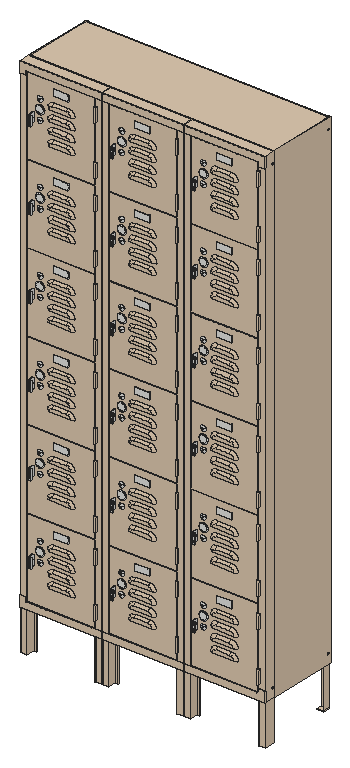
Revit family "Metal_Lockers-Salsbury_Industries-65000_66000_Series-3_Wide_Units", category Specialty Equipment, Revit 2016 (continued)
Definition of nested family "Metal Locker Zee Base-Right Side"
  Parameters (values of type "77578 Right - 18" D")
    Visible = yes
    Primary Structure Material = none
    Depth = 16.362"
    Version = "1.0 (11/30/15)"
    Type Comments = "Zee Base Kit for Standard Metal Lockers - No Legs"
    Model = "77578"
    MasterFormat Title = ""
    MasterFormat Number = ""
    Manufacturer = "Salsbury Industries"
    Description = "4\" H x 6' L - for 12\" Deep Lockers (Includes 6 Foot Front Base, 2 End Bases, Corner Splicer and 4 Rear Legs)"
    Width = 4.000"
    Height = 4.000"
    Assembly Code = ""
  Types (4): name | Visible | Depth | Type Comments | Model | Description
    77572 Right - 12" D | yes | 10.362" | "Zee Base Kit for Standard Metal Lockers - No Legs" | "77572" | "4\" H x 6' L - for 12\" Deep Lockers (Includes 6 Foot Front Base, 2 End Bases, Corner Splicer and 4 Rear Legs)"
    77575 Right - 15" D | yes | 13.362" | "Zee Base Kit for Standard Metal Lockers - No Legs" | "77575" | "4\" H x 6' L - for 12\" Deep Lockers (Includes 6 Foot Front Base, 2 End Bases, Corner Splicer and 4 Rear Legs)"
    77578 Right - 18" D | yes | 16.362" | "Zee Base Kit for Standard Metal Lockers - No Legs" | "77578" | "4\" H x 6' L - for 12\" Deep Lockers (Includes 6 Foot Front Base, 2 End Bases, Corner Splicer and 4 Rear Legs)"
    None | no | 10.362" | "End Base for Standard Metal Lockers" | "" | ""
  Reference planes (in)
    plane 1 "Center (Front/Back)": y = 0
    plane 2: z = 0
    plane 3 "Center (Left/Right)": x = 3.99
    plane 4 "Floor": z = 0
    plane 5 "Top of Enclosure": z = 4
    plane 6 "Left Edge of Insert": x = 4.77
    plane 7 "Right Side of Unit": x = 5.99
    plane 8 "Left Edge of Enclosure": y = -8.181
    plane 9 "Right Edge of Enclosure": y = 8.181
    plane 10 "Bottom Edge of Enclosure": z = 0.06
    plane 11 "Left Edge of Base": x = 1.99
  Forms (in)
    Extrusion 1, solid, material <- "Primary Structure Material", visible <- "Visible"
      sketch origin (5.99, 0, 0) x (0, 0, -1) y (0, -1, 0)
        loop
          line (-4, 6.93967) -> (-4, -6.931) -> (-3.94, -6.931) -> (-3.94, 6.93967) -> (-4, 6.93967)
      from 0.06 to 1.22
    Extrusion 2, solid, material <- "Primary Structure Material", visible <- "Visible"
      sketch origin (0, 0, 0) x (0, -1, 0) y (1, 0, 0)
        loop
          line (-8.181, 1.99) -> (-8.121, 1.99) -> (-8.121, 5.93) -> (8.121, 5.93) -> (8.121, 1.99) -> (8.181, 1.99) -> (8.181, 5.99) -> (-8.181, 5.99) -> (-8.181, 1.99)
      from 0.06 to 4
  Dimensions and locks (in)
    "Height": plane 5 "Top of Enclosure" to plane 4 "Floor"
    equal spacing: plane 8 "Left Edge of Enclosure", plane 1 "Center (Front/Back)", plane 9 "Right Edge of Enclosure"
    "Depth": plane 8 "Left Edge of Enclosure" to plane 9 "Right Edge of Enclosure"
    "Width": plane 11 "Left Edge of Base" to plane 7 "Right Side of Unit"
    equal spacing: plane 11 "Left Edge of Base", plane 3 "Center (Left/Right)", plane 7 "Right Side of Unit"
    locked: plane 4 "Floor" to plane 10 "Bottom Edge of Enclosure" at 0.06
    aligned and locked: level to plane 2
    aligned and locked: plane 6 "Left Edge of Insert" to Extrusion 1
    aligned and locked: Extrusion 2 to plane 9 "Right Edge of Enclosure"
    aligned and locked: Extrusion 2 to plane 10 "Bottom Edge of Enclosure"
    aligned and locked: plane 11 "Left Edge of Base" to Extrusion 2
  Automatic sketch dimensions
    plane 5 "Top of Enclosure" to Extrusion 1 sketch curve = 0.000"
    Extrusion 1 sketch curve to Extrusion 1 sketch curve = 0.060"
    plane 9 "Right Edge of Enclosure" to Extrusion 1 sketch curve = 1.250"
    Extrusion 1 sketch curve to plane 8 "Left Edge of Enclosure" = 1.24133"
    Extrusion 2 sketch curve to plane 7 "Right Side of Unit" = 0.000"
    plane 9 "Right Edge of Enclosure" to Extrusion 2 sketch curve = 0.000"
    plane 6 "Left Edge of Insert" to Extrusion 2 sketch curve = 2.780"  (x2)
    Extrusion 2 sketch curve to Extrusion 2 sketch curve = 0.060"
    plane 7 "Right Side of Unit" to Extrusion 2 sketch curve = 0.060"
    Extrusion 2 sketch curve to plane 8 "Left Edge of Enclosure" = 0.060"
    Extrusion 2 sketch curve to plane 8 "Left Edge of Enclosure" = 0.000"
Definition of nested family "Metal Locker Zee Base-Left Side"
  Parameters (values of type "77572 Left - 12" D")
    Width including Rivet [instance] = 1.290"
    Visible = yes
    Primary Structure Material = none
    Depth = 10.362"
    Version = "1.0 (11/30/15)"
    Type Comments = "Zee Base Kit for Standard Metal Lockers - No Legs"
    Model = "77572"
    MasterFormat Title = ""
    MasterFormat Number = ""
    Manufacturer = "Salsbury Industries"
    Description = "4\" H x 6' L - for 12\" Deep Lockers (Includes 6 Foot Front Base, 2 End Bases, Corner Splicer and 4 Rear Legs)"
    Width = 4.000"
    Height = 4.000"
    Assembly Code = ""
  Types (4): name | Visible | Depth | Type Comments | Model | Description
    77572 Left - 12" D | yes | 10.362" | "Zee Base Kit for Standard Metal Lockers - No Legs" | "77572" | "4\" H x 6' L - for 12\" Deep Lockers (Includes 6 Foot Front Base, 2 End Bases, Corner Splicer and 4 Rear Legs)"
    77575 Left - 15" D | yes | 13.362" | "Zee Base Kit for Standard Metal Lockers - No Legs" | "77575" | "4\" H x 6' L - for 12\" Deep Lockers (Includes 6 Foot Front Base, 2 End Bases, Corner Splicer and 4 Rear Legs)"
    77578 Left- 18" D | yes | 16.362" | "Zee Base Kit for Standard Metal Lockers - No Legs" | "77578" | "4\" H x 6' L - for 12\" Deep Lockers (Includes 6 Foot Front Base, 2 End Bases, Corner Splicer and 4 Rear Legs)"
    None | no | 10.362" | "End Base for Standard Metal Lockers" | "" | ""
  Reference planes (in)
    plane 1 "Center (Front/Back)": y = 0
    plane 2: z = 0
    plane 3 "Center (Left/Right)": x = 3.99
    plane 4 "Floor": z = 0
    plane 5 "Top of Enclosure": z = 4
    plane 6 "Right Side of Unit": x = 5.99
    plane 7 "Left Edge of Enclosure": y = -5.181
    plane 8 "Right Edge of Enclosure": y = 5.181
    plane 9 "Bottom Edge of Enclosure": z = 0.06
    plane 10 "Left Edge of Base": x = 1.99
    plane 11 "Right Edge of Inser": x = 3.21
  Forms (in)
    Extrusion 1, solid, material <- "Primary Structure Material", visible <- "Visible"
      sketch origin (7.98, 0, 0) x (0, -1, 0) y (1, 0, 0)
        loop
          line (-5.181, -1.99) -> (-5.181, -5.99) -> (5.181, -5.99) -> (5.181, -1.99) -> (5.121, -1.99) -> (5.121, -5.93) -> (-5.121, -5.93) -> (-5.121, -1.99) -> (-5.181, -1.99)
      from 0.06 to 4
    Extrusion 2, solid, material <- "Primary Structure Material", visible <- "Visible"
      sketch origin (1.99, 0, 0) x (0, 0, -1) y (0, 1, 0)
        loop
          line (-4, -3.93967) -> (-3.94, -3.93967) -> (-3.94, 3.931) -> (-4, 3.931) -> (-4, -3.93967)
      from 0.06 to 1.22
  Dimensions and locks (in)
    "Height": plane 5 "Top of Enclosure" to plane 4 "Floor"
    equal spacing: plane 7 "Left Edge of Enclosure", plane 1 "Center (Front/Back)", plane 8 "Right Edge of Enclosure"
    "Depth": plane 7 "Left Edge of Enclosure" to plane 8 "Right Edge of Enclosure"
    "Width": plane 10 "Left Edge of Base" to plane 6 "Right Side of Unit"
    equal spacing: plane 10 "Left Edge of Base", plane 3 "Center (Left/Right)", plane 6 "Right Side of Unit"
    locked: plane 4 "Floor" to plane 9 "Bottom Edge of Enclosure" at 0.06
    aligned and locked: level to plane 2
    aligned and locked: plane 10 "Left Edge of Base" to Extrusion 1
  Automatic sketch dimensions
    plane 8 "Right Edge of Enclosure" to Extrusion 1 sketch curve = 0.000"
    Extrusion 1 sketch curve to plane 6 "Right Side of Unit" = 0.000"  (x2)
    plane 7 "Left Edge of Enclosure" to Extrusion 1 sketch curve = 0.000"
    Extrusion 1 sketch curve to plane 10 "Left Edge of Base" = 0.000"
    Extrusion 1 sketch curve to Extrusion 1 sketch curve = 0.060"
    plane 7 "Left Edge of Enclosure" to Extrusion 1 sketch curve = 0.060"
    plane 10 "Left Edge of Base" to Extrusion 1 sketch curve = 0.060"
    plane 5 "Top of Enclosure" to Extrusion 2 sketch curve = 0.000"
    Extrusion 2 sketch curve to Extrusion 2 sketch curve = 0.060"
    Extrusion 2 sketch curve to plane 7 "Left Edge of Enclosure" = 1.24133"
    plane 8 "Right Edge of Enclosure" to Extrusion 2 sketch curve = 1.250"
Definition of nested family "Metal Locker Zee Base Corner"
  Parameters (values of type "77572, 77575, 77578")
    Width = 2.000"
    Visible = yes
    Version = "1.0 (11/30/15)"
    Type Comments = "Zee Base Kit for Standard Metal Lockers - No Legs"
    Primary Structure Material = none
    Model = "n/a"
    Manufacturer = "Salsbury Industries"
    Height = 3.940"
    Description = "4\" H x 6' L - for 12\" Deep Lockers (Includes 6 Foot Front Base, 2 End Bases, Corner Splicer and 4 Rear Legs)"
    Depth = 2.000"
  Types (2): name | Visible
    77572, 77575, 77578 | yes
    None | no
  Reference planes (in)
    plane 1 "Center (Front/Back)": y = 0
    plane 2 "Bottom of Component": z = 0
    plane 3 "Center (Left/Right)": x = 0
    plane 4: z = 3.94
    plane 5: x = -1
    plane 6: x = 1
    plane 7 "Front": y = -1
    plane 8 "Back": y = 1
  Forms (in)
    Extrusion 1, solid, material <- "Primary Structure Material", visible <- "Visible"
      sketch origin (0, 0, 0) x (1, 0, 0) y (0, 1, 0)
        loop
          line (-1, 1) -> (-1, 0.94) -> (0.94, 0.94) -> (0.94, -1) -> (1, -1) -> (1, 1) -> (-1, 1)
      from 0 to 3.94
  Dimensions and locks (in)
    "Height": plane 4 to plane 2 "Bottom of Component"
    equal spacing: plane 5, plane 3 "Center (Left/Right)", plane 6
    "Width": plane 5 to plane 6
    equal spacing: plane 7 "Front", plane 1 "Center (Front/Back)", plane 8 "Back"
    "Depth": plane 7 "Front" to plane 8 "Back"
    aligned and locked: plane 2 "Bottom of Component" to level
  Automatic sketch dimensions
    Extrusion 1 sketch curve to plane 5 = 0.000"
    plane 7 "Front" to Extrusion 1 sketch curve = 0.000"
    Extrusion 1 sketch curve to plane 6 = 0.000"
    plane 8 "Back" to Extrusion 1 sketch curve = 0.000"
    plane 6 to Extrusion 1 sketch curve = 0.060"
    Extrusion 1 sketch curve to Extrusion 1 sketch curve = 0.060"
Definition of nested family "Metal Locker End Panel"
  Parameters (values of type "77362 - for 6' H x 12" D Lockers")
    Width = 0.925"
    Visible = yes
    Version = "1.0 (11/30/15)"
    Type Comments = "Finished End Panel for Standard Metal Lockers"
    Primary Structure Material = none
    Model = "77362"
    MasterFormat Title = ""
    MasterFormat Number = ""
    Manufacturer = "Salsbury Industries"
    Height = 72.000"
    Description = "End Panel for 6' H x 12\" Deep Lockers"
    Depth = 12.010"
    Assembly Code = ""
  Types (7): name | Visible | Model | Height | Description | Depth
    77362 - for 6' H x 12" D Lockers | yes | "77362" | 72.000" | "End Panel for 6' H x 12\" Deep Lockers" | 12.010"
    77365 - for 6' H x 15" D Lockers | yes | "77365" | 72.000" | "End Panel for 6' H x 15\" Deep Lockers" | 15.010"
    77368 - for 6' H X 18" D Lockers | yes | "77368" | 72.000" | "End Panel for 6' H x 18\" Deep Lockers" | 18.010"
    77352 - for 5' H x 12" D Lockers | yes | "77352" | 60.000" | "End Panel for 5' H x 12\" Deep Lockers" | 12.010"
    77355 - for 5' H x 15" D Lockers | yes | "77355" | 60.000" | "End Panel for 5' H x 15\" Deep Lockers" | 15.010"
    77358 - for 5' H x 18" D Lockers | yes | "77358" | 60.000" | "End Panel for 5' H x 18\" Deep Lockers" | 18.010"
    None | no | "n/a" | 72.000" | "" | 12.010"
  Reference planes (in)
    plane 1 "Center (Front/Back)": y = -2.167
    plane 2: z = 0
    plane 3 "Center (Left/Right)": x = -4.595
    plane 4 "Bottom of Panel": z = 0
    plane 5 "Top of Panel": z = 72
    plane 6 "Front of Panel": y = -8.172
    plane 7 "Right Side of Enclosure": x = -4.1325
    plane 8 "Left Side of Enclosure": x = -5.0575
    plane 9 "Back of Panel": y = 3.838
    plane 10: z = 36
    plane 11: z = 70.283
    plane 12: z = 1.717
    plane 13 "Outside Edge of Front Flap": y = -8.23214
    plane 14 "Outside Edge of Back Flap": y = 3.898
  Forms (in)
    Extrusion 1, solid, material <- "Primary Structure Material", visible <- "Visible"
      sketch origin (-4.1325, 0.48244, 0) x (0, 0, -1) y (0, -1, 0)
        loop
          line (-72, 8.71458) -> (-72, -3.41556) -> (0, -3.41556) -> (0, 8.71458) -> (-72, 8.71458)
      from 0 to -0.06
    Extrusion 2, solid, material <- "Primary Structure Material", visible <- "Visible"
      sketch origin (0, 3.838, 0) x (0, 0, -1) y (1, 0, 0)
        loop
          line (-72, -5.0575) -> (0, -5.0575) -> (0, -4.1325) -> (-72, -4.1325) -> (-72, -5.0575)
      from 0 to -0.06
    Extrusion 3, solid, material <- "Primary Structure Material", visible <- "Visible"
      sketch origin (0, -8.172, 0) x (1, 0, 0) y (0, 0, 1)
        loop
          line (-5.0575, 70.283) -> (-5.0575, 1.717) -> (-4.1325, 1.717) -> (-4.1325, 70.283) -> (-5.0575, 70.283)
      from 0.06014 to 0
  Dimensions and locks (in)
    equal spacing: plane 6 "Front of Panel", plane 1 "Center (Front/Back)", plane 9 "Back of Panel"
    "Depth": plane 6 "Front of Panel" to plane 9 "Back of Panel"
    equal spacing: plane 8 "Left Side of Enclosure", plane 3 "Center (Left/Right)", plane 7 "Right Side of Enclosure"
    "Width": plane 8 "Left Side of Enclosure" to plane 7 "Right Side of Enclosure"
    equal spacing: plane 5 "Top of Panel", plane 10, plane 2
    "Height": plane 5 "Top of Panel" to plane 2
    locked: plane 5 "Top of Panel" to plane 11 at 1.717
    locked: plane 13 "Outside Edge of Front Flap" to plane 6 "Front of Panel" at 0.06014
    locked: plane 9 "Back of Panel" to plane 14 "Outside Edge of Back Flap" at 0.06
    aligned and locked: level to plane 2
    aligned and locked: plane 5 "Top of Panel" to Extrusion 1 sketch curve
    aligned and locked: plane 5 "Top of Panel" to Extrusion 2 sketch curve
    aligned and locked: Extrusion 2 to plane 9 "Back of Panel"
    aligned and locked: plane 11 to Extrusion 3 sketch curve
    aligned and locked: plane 6 "Front of Panel" to Extrusion 3
    aligned and locked: plane 14 "Outside Edge of Back Flap" to Extrusion 2
    aligned and locked: Extrusion 1 to plane 14 "Outside Edge of Back Flap"
    aligned and locked: plane 13 "Outside Edge of Front Flap" to Extrusion 3
    aligned and locked: Extrusion 2 to plane 7 "Right Side of Enclosure"
    aligned and locked: Extrusion 3 to plane 7 "Right Side of Enclosure"
  Automatic sketch dimensions
    Extrusion 1 sketch curve to level = 0.000"
    Extrusion 2 sketch curve to level = 0.000"
    plane 8 "Left Side of Enclosure" to Extrusion 2 sketch curve = 0.000"
    plane 7 "Right Side of Enclosure" to Extrusion 2 sketch curve = 0.000"
    plane 8 "Left Side of Enclosure" to Extrusion 3 sketch curve = 0.000"
    Extrusion 3 sketch curve to plane 12 = 0.000"
    plane 7 "Right Side of Enclosure" to Extrusion 3 sketch curve = 0.000"
    Extrusion 1 sketch curve to plane 14 "Outside Edge of Back Flap" = 0.000"
    plane 6 "Front of Panel" to Extrusion 1 sketch curve = 0.06014"
Definition of nested family "Metal Locker Front Filler"
  Parameters (values of type "77869 - for 6' H Lockers (Zee Base or No Legs)")
    Width = 9.000"
    Visible = yes
    Version = "1.0 (11/30/15)"
    Type Comments = "Vertical Front Filler for Standard Metal Lockers"
    Primary Structure Material = none
    Model = "77865"
    MasterFormat Title = ""
    MasterFormat Number = ""
    Manufacturer = "Salsbury Industries"
    Height = 72.000"
    Description = "9\" W Vertical Front Filler for 6' H Lockers"
    Depth = 1.500"
    Assembly Code = ""
  Types (9): name | Width | Visible | Model | Height | Description | Depth
    77865 - for 6' H Lockers with Legs | 15.000" | yes | "77865" | 78.000" | "15\" W Vertical Front Filler for 6' H Lockers" | 1.000"
    77869 - for 6' H Lockers with Legs | 9.000" | yes | "77865" | 78.000" | "9\" W Vertical Front Filler for 6' H Lockers" | 1.000"
    77855 - for 5' H Lockers with Legs | 15.000" | yes | "77855" | 66.000" | "15\" W Vertical Front Filler for 5' H Lockers" | 1.000"
    77859 - for 5' H Lockers with Legs | 9.000" | yes | "77859" | 66.000" | "9\" W Vertical Front Filler for 5' H Lockers" | 1.000"
    None | 15.000" | no | "n/a" | 78.000" | "" | 1.500"
    77865 - for 6' H Lockers (Zee Base or No Legs) | 15.000" | yes | "77865" | 72.000" | "15\" W Vertical Front Filler for 6' H Lockers" | 1.000"
    77869 - for 6' H Lockers (Zee Base or No Legs) | 9.000" | yes | "77865" | 72.000" | "9\" W Vertical Front Filler for 6' H Lockers" | 1.500"
    77859 - for 5' H Lockers (Zee Base or No Legs) | 9.000" | yes | "77859" | 60.000" | "9\" W Vertical Front Filler for 5' H Lockers" | 1.000"
    77855 - for 5' H Lockers (Zee Base or No Legs) | 15.000" | yes | "77855" | 60.000" | "15\" W Vertical Front Filler for 5' H Lockers" | 1.000"
  Reference planes (in)
    plane 1 "Center (Front/Back)": y = -2.167
    plane 2: z = 0
    plane 3 "Center (Left/Right)": x = -4.595
    plane 4 "Bottom of Filler": z = 0
    plane 5 "Top of Panel": z = 72
    plane 6 "Front of Filler": y = -2.917
    plane 7 "Right Side of Filler": x = -0.095
    plane 8 "Left Side of Filler": x = -9.095
    plane 9 "Back of Filler": y = -1.417
    plane 10: z = 36
  Forms (in)
    Extrusion 1, solid, material <- "Primary Structure Material", visible <- "Visible"
      sketch origin (0, 0, 0) x (0, -1, 0) y (1, 0, 0)
        loop
          line (1.417, -9.095) -> (2.917, -9.095) -> (2.917, -1.095) -> (2.869, -1.095) -> (2.869, -9.047) -> (1.417, -9.047) -> (1.417, -9.095)
      from 0 to 72
    Extrusion 2, solid, material <- "Primary Structure Material", visible <- "Visible"
      sketch origin (0, -0.20425, 0) x (0, -1, 0) y (1, 0, 0)
        loop
          line (1.30875, -0.095) -> (1.30875, -0.143) -> (2.76075, -0.143) -> (2.76075, -1.595) -> (2.80875, -1.595) -> (2.80875, -0.095) -> (1.30875, -0.095)
      from 0 to 72
    Extrusion 3, solid, material <- "Primary Structure Material", visible <- "Visible"
      sketch origin (0, 0.10825, 0) x (0, -1, 0) y (1, 0, 0)
        loop
          line (3.07325, -1.595) -> (3.07325, -0.82524) -> (3.02525, -0.82524) -> (3.02525, -1.376) -> (3.02525, -1.449) -> (3.02525, -1.522) -> (3.02525, -1.595) -> (3.07325, -1.595)
      from 0 to 72
    Extrusion 4, solid, material <- "Primary Structure Material", visible <- "Visible"
      sketch origin (0, 0, 0) x (0, -1, 0) y (1, 0, 0)
        loop
          line (2.917, -0.82524) -> (2.821, -0.82524) -> (2.821, -1.80024) -> (2.869, -1.80024) -> (2.869, -0.87324) -> (2.917, -0.87324) -> (2.917, -0.82524)
      from 0 to 72
  Dimensions and locks (in)
    equal spacing: plane 6 "Front of Filler", plane 1 "Center (Front/Back)", plane 9 "Back of Filler"
    "Depth": plane 6 "Front of Filler" to plane 9 "Back of Filler"
    equal spacing: plane 8 "Left Side of Filler", plane 3 "Center (Left/Right)", plane 7 "Right Side of Filler"
    "Width": plane 8 "Left Side of Filler" to plane 7 "Right Side of Filler"
    equal spacing: plane 5 "Top of Panel", plane 10, plane 2
    "Height": plane 5 "Top of Panel" to plane 2
    aligned and locked: level to plane 2
    aligned and locked: Extrusion 1 to plane 5 "Top of Panel"
    aligned and locked: Extrusion 2 to plane 5 "Top of Panel"
    aligned and locked: Extrusion 3 to plane 5 "Top of Panel"
    aligned and locked: Extrusion 4 to plane 5 "Top of Panel"
  Automatic sketch dimensions
    plane 9 "Back of Filler" to Extrusion 1 sketch curve = 0.000"
    plane 6 "Front of Filler" to Extrusion 1 sketch curve = 0.000"
    Extrusion 1 sketch curve to plane 8 "Left Side of Filler" = 0.000"
    Extrusion 1 sketch curve to plane 6 "Front of Filler" = 0.048"
    Extrusion 1 sketch curve to Extrusion 1 sketch curve = 0.048"
    plane 7 "Right Side of Filler" to Extrusion 1 sketch curve = 1.000"
    Extrusion 2 sketch curve to plane 7 "Right Side of Filler" = 0.000"
    plane 7 "Right Side of Filler" to Extrusion 2 sketch curve = 0.048"
    plane 9 "Back of Filler" to Extrusion 2 sketch curve = 0.096"
    plane 6 "Front of Filler" to Extrusion 2 sketch curve = 0.048"
    Extrusion 2 sketch curve to Extrusion 2 sketch curve = 0.048"
    Extrusion 2 sketch curve to Extrusion 2 sketch curve = 1.452"
    plane 6 "Front of Filler" to Extrusion 3 sketch curve = 0.000"
    plane 7 "Right Side of Filler" to Extrusion 3 sketch curve = 1.500"
    Extrusion 3 sketch curve to Extrusion 3 sketch curve = 0.073"  (x3)
    Extrusion 3 sketch curve to Extrusion 3 sketch curve = 0.55076"
    Extrusion 3 sketch curve to Extrusion 3 sketch curve = 0.048"
    plane 6 "Front of Filler" to Extrusion 4 sketch curve = 0.000"
    Extrusion 4 sketch curve to plane 6 "Front of Filler" = 0.048"
    Extrusion 4 sketch curve to Extrusion 4 sketch curve = 0.048"  (x2)
    plane 7 "Right Side of Filler" to Extrusion 4 sketch curve = 1.70524"
    plane 7 "Right Side of Filler" to Extrusion 4 sketch curve = 0.77824"
Definition of nested family "Metal Locker Flat Top Filler"
  Parameters (values of type "77842 - for 12" Deep Lockers (15" W)")
    Width = 16.250"
    Visible = yes
    Version = "1.0 (11/30/15)"
    Type Comments = "Flat Top Filler for Standard Metal Lockers"
    Primary Structure Material = none
    Model = "77842"
    MasterFormat Title = ""
    MasterFormat Number = ""
    Manufacturer = "Salsbury Industries"
    Height = 1.003"
    Description = "15\"W Flat Top In-Line Filler"
    Depth = 12.118"
    Assembly Code = ""
  Types (7): name | Width | Visible | Model | Depth
    77842 - for 12" Deep Lockers (15" W) | 16.250" | yes | "77842" | 12.118"
    77842 - for 12" Deep Lockers (9" W) | 10.250" | yes | "77842" | 12.118"
    77845 - for 15" Deep Lockers (15" W) | 16.250" | yes | "77845" | 15.118"
    77845 - for 15" Deep Lockers (9" W) | 10.250" | yes | "77845" | 15.118"
    77848 - for 18" Deep Lockers (15" W) | 16.250" | yes | "77848" | 18.118"
    77848 - for 18" Deep Lockers (9" W) | 10.250" | yes | "77848" | 18.118"
    None | 16.250" | no | "" | 12.118"
  Reference planes (in)
    plane 1 "Center (Front/Back)": y = -2.167
    plane 2: z = 0
    plane 3 "Center (Left/Right)": x = -4.595
    plane 4 "Bottom of Panel": z = 0
    plane 5 "Top of Panel": z = 1.003
    plane 6 "Front of Panel": y = -8.226
    plane 7 "Right Side of Enclosure": x = 3.53
    plane 8 "Left Side of Enclosure": x = -12.72
    plane 9 "Back of Panel": y = 3.892
    plane 10: z = 0.5015
  Forms (in)
    Extrusion 1, solid, material <- "Primary Structure Material", visible <- "Visible"
      sketch origin (-4.595, 0, 0) x (0, 1, 0) y (0, 0, 1)
        loop
          line (-8.226, 0) -> (-8.178, 0) -> (-8.178, 0.955) -> (3.892, 0.955) -> (3.892, 1.003) -> (-8.226, 1.003) -> (-8.226, 0)
      from -8.125 to 8.125
  Dimensions and locks (in)
    equal spacing: plane 6 "Front of Panel", plane 1 "Center (Front/Back)", plane 9 "Back of Panel"
    "Depth": plane 6 "Front of Panel" to plane 9 "Back of Panel"
    equal spacing: plane 8 "Left Side of Enclosure", plane 3 "Center (Left/Right)", plane 7 "Right Side of Enclosure"
    "Width": plane 8 "Left Side of Enclosure" to plane 7 "Right Side of Enclosure"
    equal spacing: plane 5 "Top of Panel", plane 10, plane 2
    "Height": plane 5 "Top of Panel" to plane 2
    aligned and locked: level to plane 2
    aligned and locked: Extrusion 1 to plane 7 "Right Side of Enclosure"
    aligned and locked: plane 8 "Left Side of Enclosure" to Extrusion 1
    aligned and locked: plane 6 "Front of Panel" to Extrusion 1
    aligned and locked: Extrusion 1 to plane 9 "Back of Panel"
  Automatic sketch dimensions
    plane 5 "Top of Panel" to Extrusion 1 sketch curve = 0.000"
    Extrusion 1 sketch curve to plane 6 "Front of Panel" = 0.000"
    Extrusion 1 sketch curve to level = 0.000"
    Extrusion 1 sketch curve to plane 9 "Back of Panel" = 0.000"
    Extrusion 1 sketch curve to plane 6 "Front of Panel" = 0.048"
    plane 5 "Top of Panel" to Extrusion 1 sketch curve = 0.048"
Definition of nested family "Metal Locker Flat Corner Filler"
  Parameters (values of type "77832 - for 12" Deep Lockers")
    Width = 12.625"
    Visible = yes
    Version = "1.0 (11/30/15)"
    Type Comments = "Flat Top Corner Filler for Standard Metal Lockers"
    Primary Structure Material = none
    Model = "77832"
    MasterFormat Title = ""
    MasterFormat Number = ""
    Manufacturer = "Salsbury Industries"
    Height = 0.048"
    Description = "12\"W Flat Top Corner Filler"
    Depth = 12.625"
    Assembly Code = ""
  Types (4): name | Width | Visible | Model | Description | Depth
    77832 - for 12" Deep Lockers | 12.625" | yes | "77832" | "12\"W Flat Top Corner Filler" | 12.625"
    77835 - for 15" Deep Lockers | 15.625" | yes | "77835" | "15\"W Flat Top Corner Filler" | 15.625"
    77838 - for 18" Deep Lockers | 18.625" | yes | "77838" | "18\"W Flat Top Corner Filler" | 18.625"
    None | 12.625" | no | "" | "" | 12.625"
  Reference planes (in)
    plane 1 "Center (Front/Back)": y = -2.167
    plane 2: z = 0
    plane 3 "Center (Left/Right)": x = -4.595
    plane 4 "Bottom of Panel": z = 0
    plane 5 "Top of Panel": z = 0.048
    plane 6 "Front of Panel": y = -8.4795
    plane 7 "Right Side of Enclosure": x = 1.7175
    plane 8 "Left Side of Enclosure": x = -10.9075
    plane 9 "Back of Panel": y = 4.1455
    plane 10: z = 0.024
  Forms (in)
    Extrusion 1, solid, material <- "Primary Structure Material", visible <- "Visible"
      sketch origin (0, 0, 0) x (0, -1, 0) y (1, 0, 0)
        loop
          line (7.8545, -10.9075) -> (7.8545, -10.2825) -> (8.4795, -10.2825) -> (8.4795, 1.7175) -> (-4.1455, 1.7175) -> (-4.1455, -10.9075) -> (7.8545, -10.9075)
      from 0 to 0.048
  Dimensions and locks (in)
    equal spacing: plane 6 "Front of Panel", plane 1 "Center (Front/Back)", plane 9 "Back of Panel"
    "Depth": plane 6 "Front of Panel" to plane 9 "Back of Panel"
    equal spacing: plane 8 "Left Side of Enclosure", plane 3 "Center (Left/Right)", plane 7 "Right Side of Enclosure"
    "Width": plane 8 "Left Side of Enclosure" to plane 7 "Right Side of Enclosure"
    equal spacing: plane 5 "Top of Panel", plane 10, plane 2
    "Height": plane 5 "Top of Panel" to plane 2
    aligned and locked: level to plane 2
    aligned and locked: Extrusion 1 to plane 9 "Back of Panel"
    aligned and locked: plane 6 "Front of Panel" to Extrusion 1
    aligned and locked: Extrusion 1 to plane 7 "Right Side of Enclosure"
    aligned and locked: plane 8 "Left Side of Enclosure" to Extrusion 1
  Automatic sketch dimensions
    Extrusion 1 sketch curve to plane 8 "Left Side of Enclosure" = 0.000"
    plane 9 "Back of Panel" to Extrusion 1 sketch curve = 0.000"
    plane 6 "Front of Panel" to Extrusion 1 sketch curve = 0.000"
    Extrusion 1 sketch curve to plane 7 "Right Side of Enclosure" = 0.000"
    Extrusion 1 sketch curve to plane 8 "Left Side of Enclosure" = 0.625"
    Extrusion 1 sketch curve to plane 6 "Front of Panel" = 0.625"
Definition of nested family "Metal Locker Sloping Top Filler"
  Parameters (values of type "77882 - for 12" Deep Lockers (15" W)")
    Width = 16.250"
    Visible = yes
    Version = "1.0 (11/30/15)"
    Type Comments = "Sloping Hood In-Line Filler for Standard Metal Lockers"
    Slope Angle = 28.761°
    Primary Structure Material = none
    Model = "77882"
    MasterFormat Title = ""
    MasterFormat Number = ""
    Manufacturer = "Salsbury Industries"
    Height = 1.003"
    Description = "15\"W Sloping Hood In-Line Filler"
    Depth = 12.118"
    Assembly Code = ""
  Types (7): name | Width | Visible | Type Comments | Slope Angle | Model | Description | Depth
    77882 - for 12" Deep Lockers (15" W) | 16.250" | yes | "Sloping Hood In-Line Filler for Standard Metal Lockers" | 28.761° | "77882" | "15\"W Sloping Hood In-Line Filler" | 12.118"
    77882 - for 12" Deep Lockers (9" W) | 10.250" | yes | "Sloping Hood In-Line Filler for Standard Metal Lockers" | 28.761° | "77882" | "15\"W Sloping Hood In-Line Filler" | 12.118"
    77885 - for 15" Deep Lockers (15" W) | 16.250" | yes | "Sloping Hood In-Line Filler for Standard Metal Lockers" | 29.946° | "77885" | "15\"W Sloping Hood In-Line Filler" | 15.118"
    77885 - for 15" Deep Lockers (9" W) | 10.250" | yes | "Sloping Hood In-Line Filler for Standard Metal Lockers" | 29.946° | "77885" | "15\"W Sloping Hood In-Line Filler" | 15.118"
    77888 - for 18" Deep Lockers (15" W) | 16.250" | yes | "Sloping Hood In-Line Filler for Standard Metal Lockers" | 30.723° | "77888" | "15\"W Sloping Hood In-Line Filler" | 18.118"
    77888 - for 18" Deep Lockers (9" W) | 10.250" | yes | "Sloping Hood In-Line Filler for Standard Metal Lockers" | 30.723° | "77888" | "15\"W Sloping Hood In-Line Filler" | 18.118"
    None | 16.250" | no | "Sloping Hood for Standard Metal Lockers" | 28.761° | "" | "" | 12.118"
  Reference planes (in)
    plane 1 "Center (Front/Back)": y = -2.167
    plane 2: z = 0
    plane 3 "Center (Left/Right)": x = -4.595
    plane 4 "Bottom of Panel": z = 0
    plane 5 "Top of Panel": z = 1.003
    plane 6 "Front of Panel": y = -8.226
    plane 7 "Right Side of Enclosure": x = 3.53
    plane 8 "Left Side of Enclosure": x = -12.72
    plane 9 "Back of Panel": y = 3.892
    plane 10: z = 0.5015
    plane 11: through (0, -7.6072, 0.33964) normal (0, -0.4812, 0.8766)
    plane 12: through (0, -7.72698, 0.21914) normal (0, -0.4812, 0.8766)
  Forms (in)
    Extrusion 1, solid, material <- "Primary Structure Material", visible <- "Visible"
      sketch origin (-4.595, 0, 0) x (0, 1, 0) y (0, 0, 1)
        loop
          line (3.892, 6.65119) -> (-8.226, 0) -> (-8.226, -1.028) -> (-8.178, -1.028) -> (-8.178, -0.02841) -> (3.892, 6.59643) -> (3.892, 6.65119)
      from -8.125 to 8.125
  Dimensions and locks (in)
    equal spacing: plane 6 "Front of Panel", plane 1 "Center (Front/Back)", plane 9 "Back of Panel"
    "Depth": plane 6 "Front of Panel" to plane 9 "Back of Panel"
    equal spacing: plane 8 "Left Side of Enclosure", plane 3 "Center (Left/Right)", plane 7 "Right Side of Enclosure"
    "Width": plane 8 "Left Side of Enclosure" to plane 7 "Right Side of Enclosure"
    equal spacing: plane 5 "Top of Panel", plane 10, plane 2
    "Height": plane 5 "Top of Panel" to plane 2
    locked: plane 11 to plane 12 at 0.048
    "Slope Angle": angle plane 4 "Bottom of Panel" to plane 11
    aligned and locked: level to plane 2
    aligned and locked: plane 11 to Extrusion 1 sketch curve
    aligned and locked: plane 12 to Extrusion 1 sketch curve
    aligned and locked: Extrusion 1 to plane 7 "Right Side of Enclosure"
    aligned and locked: plane 8 "Left Side of Enclosure" to Extrusion 1
  Automatic sketch dimensions
    Extrusion 1 sketch curve to plane 6 "Front of Panel" = 0.000"
    Extrusion 1 sketch curve to Extrusion 1 sketch curve = 0.99959"
    Extrusion 1 sketch curve to level = 0.02841"
    Extrusion 1 sketch curve to plane 9 "Back of Panel" = 0.000"
Definition of nested family "Metal Locker Sloping Corner Filler"
  Parameters (values of type "77872 - for 12" Deep Lockers")
    Width = 12.695"
    Visible = yes
    Version = "1.0 (11/30/15)"
    Type Comments = "Sloping Hood Corner Filler for Standard Metal Lockers"
    Slope Angle 2 = 28.761°
    Slope Angle 1 = 28.761°
    Primary Structure Material = none
    Model = "77872"
    MasterFormat Title = ""
    MasterFormat Number = ""
    Manufacturer = "Salsbury Industries"
    Height = 6.87897"
    Description = "12\"D Sloping Hood Corner Filler"
    Depth = 12.695"
    Assembly Code = ""
  Types (4): name | Width | Visible | Slope Angle 2 | Slope Angle 1 | Model | Description | Depth
    77872 - for 12" Deep Lockers | 12.695" | yes | 28.761° | 28.761° | "77872" | "12\"D Sloping Hood Corner Filler" | 12.695"
    77875 - for 15" Deep Lockers | 15.695" | yes | 29.946° | 29.946° | "77875" | "15\"D Sloping Hood Corner Filler" | 15.695"
    77878 - for 18" Deep Lockers | 18.695" | yes | 30.723° | 30.723° | "77878" | "18\"D Sloping Hood Corner Filler" | 18.695"
    None | 12.695" | no | 28.723° | 28.723° | "" | "" | 12.695"
  Reference planes (in)
    plane 1 "Center (Front/Back)": y = -2.167
    plane 2: z = 0
    plane 3 "Center (Left/Right)": x = -4.595
    plane 4 "Bottom of Panel": z = 0
    plane 5 "Top of Panel": z = 6.87897
    plane 6 "Front of Panel": y = -8.5145
    plane 7 "Right Side of Enclosure": x = 1.7525
    plane 8 "Left Side of Enclosure": x = -10.9425
    plane 9 "Back of Panel": y = 4.1805
    plane 10 "Center Top/Bottom": z = 3.43948
    plane 11 "Slope 1": through (0, -7.42276, 0.59922) normal (0, -0.4812, 0.8766)
    plane 12: through (0, -7.54254, 0.47872) normal (0, -0.4812, 0.8766)
    plane 13 "Diagonal Plane": through (-10.86131, 4.09969, 48) normal (0.7071, 0.7071, 0)
    plane 14 "Cutout Plane 1": y = -7.8895
    plane 15 "Cutout Plane 2": x = 1.1275
    plane 16 "Slope 2": through (1.43902, -180, 0.17206) normal (-0.4812, 0, -0.8766)
    plane 17: through (5.04554, -180, -1.86199) normal (-0.4812, 0, -0.8766)
  Forms (in)
    Extrusion 1, solid, material <- "Primary Structure Material", visible <- "Visible"
      sketch origin (-4.595, 0, 0) x (0, 1, 0) y (0, 0, 1)
        loop
          line (-7.8895, 0.28829) -> (4.1805, 6.91313) -> (4.1805, 6.96789) -> (-7.8895, 0.34304) -> (-7.8895, 0.28829)
      from -6.3475 to 6.3475
    Extrusion 2, void
      sketch origin (0, 0, 3.43948) x (1, 0, 0) y (0, 1, 0)
        loop
          line (1.75288, -8.5145) -> (-10.9425, 4.18088) -> (-10.9425, -8.5145) -> (1.75288, -8.5145)
      from -3.43948 to 8.2673
    Extrusion 3, solid, material <- "Primary Structure Material", visible <- "Visible"
      sketch origin (0, -2.167, 0) x (1, 0, 0) y (0, 0, 1)
        loop
          line (1.1275, 0.2885) -> (1.1275, 0.34304) -> (-10.9425, 6.96789) -> (-10.9425, 6.91334) -> (1.1275, 0.2885)
      from -6.3475 to 6.3475
    Extrusion 4, void
      sketch origin (-4.595, 0, 0) x (0, 1, 0) y (0, 0, 1)
        loop
          line (4.1805, 0) -> (4.1805, 6.91313) -> (-8.41474, 0) -> (4.1805, 0)
      from -6.3475 to 6.3475
    Extrusion 5, solid, not visible
      sketch origin (1.1275, 0, 0) x (0, -1, 0) y (0, 0, 1)
        loop
          line (8.60982, 0.2885) -> (7.8895, 0.2885) -> (7.8895, 0) -> (8.60982, 0) -> (8.60982, 0.2885)
      from -0.72026 to 0
  Cuts and joins
    Extrusion 2, Extrusion 4 cuts Extrusion 1
    Extrusion 4 cuts Extrusion 3
  Dimensions and locks (in)
    equal spacing: plane 6 "Front of Panel", plane 1 "Center (Front/Back)", plane 9 "Back of Panel"
    "Depth": plane 6 "Front of Panel" to plane 9 "Back of Panel"
    equal spacing: plane 8 "Left Side of Enclosure", plane 3 "Center (Left/Right)", plane 7 "Right Side of Enclosure"
    "Width": plane 8 "Left Side of Enclosure" to plane 7 "Right Side of Enclosure"
    equal spacing: plane 5 "Top of Panel", plane 10 "Center Top/Bottom", plane 2
    "Height": plane 5 "Top of Panel" to plane 2
    locked: plane 11 "Slope 1" to plane 12 at 0.048
    locked: plane 15 "Cutout Plane 2" to plane 7 "Right Side of Enclosure" at 0.625
    locked: plane 6 "Front of Panel" to plane 14 "Cutout Plane 1" at 0.625
    locked: plane 17 to plane 16 "Slope 2" at 0.04782
    "Slope Angle 1": angle plane 4 "Bottom of Panel" to plane 11 "Slope 1"
    "Slope Angle 2": angle plane 16 "Slope 2" to plane 4 "Bottom of Panel"
    aligned and locked: level to plane 2
    aligned and locked: Extrusion 1 sketch curve to plane 14 "Cutout Plane 1"
    aligned and locked: plane 9 "Back of Panel" to Extrusion 1 sketch curve
    aligned and locked: Extrusion 1 sketch curve to plane 11 "Slope 1"
    aligned and locked: plane 12 to Extrusion 1 sketch curve
    aligned and locked: plane 8 "Left Side of Enclosure" to Extrusion 1
    aligned and locked: Extrusion 1 to plane 7 "Right Side of Enclosure"
    aligned and locked: plane 6 "Front of Panel" to Extrusion 2 sketch curve
    aligned and locked: plane 8 "Left Side of Enclosure" to Extrusion 2 sketch curve
    aligned and locked: plane 13 "Diagonal Plane" to Extrusion 2 sketch curve
    aligned and locked: plane 4 "Bottom of Panel" to cut or joined group of Extrusion 1, Extrusion 2, Extrusion 4
    aligned and locked: Extrusion 4 sketch curve to level
    aligned and locked: Extrusion 4 sketch curve to plane 9 "Back of Panel"
    aligned and locked: plane 12 to Extrusion 4 sketch curve
    aligned and locked: Extrusion 4 to plane 7 "Right Side of Enclosure"
    aligned and locked: plane 8 "Left Side of Enclosure" to Extrusion 4
    aligned and locked: cut or joined group of Extrusion 3, Extrusion 4 to plane 15 "Cutout Plane 2"
    aligned and locked: plane 6 "Front of Panel" to cut or joined group of Extrusion 3, Extrusion 4
    aligned and locked: cut or joined group of Extrusion 3, Extrusion 4 to plane 9 "Back of Panel"
    aligned and locked: Extrusion 3 sketch curve to plane 15 "Cutout Plane 2"
    aligned and locked: Extrusion 3 sketch curve to plane 16 "Slope 2"
    aligned and locked: plane 8 "Left Side of Enclosure" to Extrusion 3 sketch curve
    aligned and locked: plane 17 to Extrusion 3 sketch curve
  Automatic sketch dimensions
    Extrusion 5 sketch curve to plane 14 "Cutout Plane 1" = 0.000"
    Extrusion 5 sketch curve to level = 0.000"
    plane 6 "Front of Panel" to Extrusion 5 sketch curve = 0.09532"
    Extrusion 5 sketch curve to Extrusion 5 sketch curve = 0.2885"
Definition of nested family "Metal Locker Sloping Hood"
  Parameters (values of type "77752 - for 12" Deep Lockers (1 Wide)")
    Width = 12.040"
    Visible = yes
    Version = "1.0 (11/30/15)"
    Type Comments = "Sloping Hood for Standard Metal Lockers"
    Slope Angle = 28.761°
    Primary Structure Material = none
    Model = "77752"
    MasterFormat Title = ""
    MasterFormat Number = ""
    Manufacturer = "Salsbury Industries"
    Height = 6.625"
    Dividing Lines = no
    Description = "12\" Deep for up to (3) 12\" Wide Lockers"
    Depth = 12.070"
    Assembly Code = ""
  Types (12): name | Width | Visible | Slope Angle | Model | Height | Dividing Lines | Description | Depth
    77752 - for 12" Deep Lockers (1 Wide) | 12.040" | yes | 28.761° | "77752" | 6.625" | no | "12\" Deep for up to (3) 12\" Wide Lockers" | 12.070"
    77752 - for 12" Deep Lockers (3 Wide) | 36.040" | yes | 28.761° | "77752" | 6.625" | yes | "12\" Deep for up to (3) 12\" Wide Lockers" | 12.070"
    77755 - for 15" Deep Lockers (1 Wide) | 12.040" | yes | 29.946° | "77755" | 8.682" | no | "15\" Deep for up to (3) 12\" Wide Lockers" | 15.070"
    77755 - for 15" Deep Lockers (3 Wide) | 36.040" | yes | 29.946° | "77755" | 8.628" | yes | "15\" Deep for up to (3) 12\" Wide Lockers" | 15.070"
    77758 - for 18" Deep Lockers (1 Wide) | 12.040" | yes | 30.723° | "77758" | 10.739" | no | "18\" Deep for up to (3) 12\" Wide Lockers" | 18.070"
    77758 - for 18" Deep Lockers (3 Wide) | 36.040" | yes | 30.723° | "77758" | 10.739" | yes | "18\" Deep for up to (3) 12\" Wide Lockers" | 18.070"
    None | 12.000" | no | 28.761° | "" | 6.625" | no | "" | 12.070"
    77765 - for 15" Deep Lockers (1 Wide) | 15.040" | yes | 29.946° | "77752" | 6.625" | no | "12\" Deep for up to (3) 12\" Wide Lockers" | 15.070"
    77768 - for 18" Deep Lockers (1 Wide) | 15.040" | yes | 30.723° | "77752" | 6.625" | no | "12\" Deep for up to (3) 12\" Wide Lockers" | 18.070"
    77765 - for 15" Deep Lockers (3 Wide) | 45.040" | yes | 29.946° | "77752" | 6.625" | yes | "12\" Deep for up to (3) 12\" Wide Lockers" | 15.070"
    77768 - for 18" Deep Lockers (3 Wide) | 45.040" | yes | 30.723° | "77752" | 6.625" | yes | "12\" Deep for up to (3) 12\" Wide Lockers" | 18.070"
    77759 - for 18" Deep Bridge Lockers | 72.040" | yes | 30.723° | "77752" | 6.625" | no | "12\" Deep for up to (3) 12\" Wide Lockers" | 18.070"
  Reference planes (in)
    plane 1 "Center (Front/Back)": y = -2.167
    plane 2: z = 0
    plane 3 "Center (Left/Right)": x = -4.595
    plane 4 "Bottom of Panel": z = 0
    plane 5 "Top of Panel": z = 6.625
    plane 6 "Front of Panel": y = -8.202
    plane 7 "Right Side of Enclosure": x = 1.425
    plane 8 "Left Side of Enclosure": x = -10.615
    plane 9 "Back of Panel": y = 3.868
    plane 10: z = 3.3125
    plane 11: through (0, -7.81601, 0.21186) normal (0, -0.4812, 0.8766)
    plane 12: through (0, -7.94397, 0.10626) normal (0, -0.4812, 0.8766)
    plane 13: y = 3.837
    plane 14: y = 3.806
    plane 15: y = 3.775
    plane 16: y = 3.37433
    plane 17 "Divider 1": x = -6.60167
    plane 18 "Divider 2": x = -2.58833
  Forms (in)
    Extrusion 1, solid, material <- "Primary Structure Material", visible <- "Visible"
      sketch origin (1.425, 0, 0) x (0, 0, -1) y (0, -1, 0)
        loop
          line (-6.62484, -3.868) -> (0, -3.868) -> (0, 8.202) -> (-6.62484, -3.868)
      from 0 to 0.031
    Extrusion 2, solid, material <- "Primary Structure Material", visible <- "Visible"
      sketch origin (1.425, 0, 0) x (0, 0, -1) y (0, -1, 0)
        loop
          line (0, -3.868) -> (0, -3.837) -> (-6.60783, -3.837) -> (-6.62484, -3.868) -> (0, -3.868)
      from 0.03098 to 0.40598
    Extrusion 3, solid, material <- "Primary Structure Material", visible <- "Visible"
      sketch origin (1.425, 0, 0) x (0, 0, -1) y (0, -1, 0)
        loop
          line (0, -3.837) -> (0, 8.13757) -> (-0.031, 8.08109) -> (-0.031, -3.837) -> (0, -3.837)
      from 0.031 to 0.80198
    Extrusion 4, solid, material <- "Primary Structure Material", visible <- "Visible"
      sketch origin (-10.615, 0, 0) x (0, 0, -1) y (0, -1, 0)
        loop
          line (-6.62484, -3.868) -> (0, -3.868) -> (0, 8.202) -> (-6.62484, -3.868)
      from 0 to -0.031
    Extrusion 5, solid, material <- "Primary Structure Material", visible <- "Visible"
      sketch origin (-10.615, 0, 0) x (0, 0, -1) y (0, -1, 0)
        loop
          line (0, -3.868) -> (0, -3.837) -> (-6.60783, -3.837) -> (-6.62484, -3.868) -> (0, -3.868)
      from -0.031 to -0.406
    Extrusion 6, solid, material <- "Primary Structure Material", visible <- "Visible"
      sketch origin (-10.615, 0, 0) x (0, 0, -1) y (0, -1, 0)
        loop
          line (0, -3.837) -> (0, 8.13757) -> (-0.031, 8.08109) -> (-0.031, -3.837) -> (0, -3.837)
      from -0.031 to -0.802
    Extrusion 7, solid, material <- "Primary Structure Material", visible <- "Visible"
      sketch origin (-4.595, 0, 0) x (0, 1, 0) y (0, 0, 1)
        loop
          line (3.837, 6.60783) -> (-8.202, 0) -> (-7.84238, 0) -> (-7.84238, 0.031) -> (-8.08109, 0.031) -> (3.806, 6.55545) -> (3.806, 6.21809) -> (3.837, 6.21809) -> (3.837, 6.60783)
      from -5.989 to 5.989
    Extrusion 8, solid, material <- "Primary Structure Material", visible <- "Visible"
      sketch origin (-4.595, -0.031, 0) x (0, 1, 0) y (0, 0, 1)
        loop
          line (3.837, 0.031) -> (3.837, 6.55545) -> (3.806, 6.53844) -> (3.806, 0.031) -> (3.837, 0.031)
      from -5.989 to 5.989
    Extrusion 9, solid, material <- "Primary Structure Material", visible <- "Visible"
      sketch origin (0, -0.031, 0) x (0, -1, 0) y (1, 0, 0)
        loop
          line (-3.806, -9.75653) -> (-3.40533, -9.75653) -> (-3.40533, 0.56919) -> (-3.806, 0.56919) -> (-3.806, -9.75653)
      from 0.031 to 0.06464
  Lines and regions (in)
    model lines, visible <- "Dividing Lines"
      curve 1: line (-6.60167, -8.21456, -0.0069) -> (-6.60167, 3.868, 6.62484)
      curve 2: line (-2.58833, -8.21456, -0.0069) -> (-2.58833, 3.868, 6.62484)
  Dimensions and locks (in)
    equal spacing: plane 6 "Front of Panel", plane 1 "Center (Front/Back)", plane 9 "Back of Panel"
    "Depth": plane 6 "Front of Panel" to plane 9 "Back of Panel"
    equal spacing: plane 8 "Left Side of Enclosure", plane 17 "Divider 1", plane 18 "Divider 2", plane 7 "Right Side of Enclosure"
    "Width": plane 8 "Left Side of Enclosure" to plane 7 "Right Side of Enclosure"
    equal spacing: plane 5 "Top of Panel", plane 10, plane 2
    "Height": plane 5 "Top of Panel" to plane 2
    locked: plane 11 to plane 12 at 0.031
    plane 16 to plane 15 to plane 14 to plane 13 to plane 9 "Back of Panel" = 0.40067", 0.031", 0.031", 0.031"
    equal spacing: plane 8 "Left Side of Enclosure", plane 3 "Center (Left/Right)", plane 7 "Right Side of Enclosure"
    "Slope Angle": angle plane 4 "Bottom of Panel" to plane 11
    aligned and locked: level to plane 2
    aligned and locked: Extrusion 1 to plane 9 "Back of Panel"
    aligned and locked: plane 4 "Bottom of Panel" to Extrusion 1
    aligned and locked: Extrusion 7 to Extrusion 1
    aligned and locked: Extrusion 7 to Extrusion 4
    aligned and locked: Extrusion 7 to Extrusion 8  (x2)
    aligned and locked: plane 11 to Extrusion 7 sketch curve
    aligned and locked: plane 12 to Extrusion 7 sketch curve
    aligned and locked: plane 12 to Extrusion 8 sketch curve
    aligned and locked: Extrusion 4 sketch curve to plane 11
    aligned and locked: Extrusion 1 sketch curve to plane 11
    aligned and locked: Extrusion 3 sketch curve to plane 12
    aligned and locked: Extrusion 6 sketch curve to plane 12
    aligned and locked: plane 13 to Extrusion 7
    aligned and locked: plane 14 to Extrusion 8
    aligned and locked: plane 15 to Extrusion 8
    aligned and locked: plane 16 to Extrusion 9
    aligned and locked: plane 13 to Extrusion 7 sketch curve
    aligned and locked: Extrusion 7 sketch curve to plane 14
    aligned and locked: plane 13 to Extrusion 2 sketch curve
    aligned and locked: plane 11 to Extrusion 2 sketch curve
    aligned and locked: plane 13 to Extrusion 5 sketch curve
    aligned and locked: plane 11 to Extrusion 5 sketch curve
    aligned and locked: curve 2 to plane 18 "Divider 2"
    aligned and locked: curve 1 to plane 17 "Divider 1"
  Automatic sketch dimensions
    Extrusion 7 sketch curve to level = 0.000"
    level to Extrusion 7 sketch curve = 0.031"
    Extrusion 7 sketch curve to Extrusion 7 sketch curve = 0.23871"
    Extrusion 7 sketch curve to Extrusion 7 sketch curve = 0.33736"
    Extrusion 1 sketch curve to plane 9 "Back of Panel" = 0.000"
    Extrusion 1 sketch curve to level = 0.000"
    Extrusion 2 sketch curve to plane 9 "Back of Panel" = 0.000"
    Extrusion 2 sketch curve to level = 0.000"
    Extrusion 3 sketch curve to plane 13 = 0.000"
    Extrusion 3 sketch curve to level = 0.000"
    level to Extrusion 3 sketch curve = 0.031"
    Extrusion 4 sketch curve to plane 9 "Back of Panel" = 0.000"
    Extrusion 4 sketch curve to level = 0.000"
    Extrusion 5 sketch curve to plane 9 "Back of Panel" = 0.000"
    Extrusion 5 sketch curve to level = 0.000"
    Extrusion 6 sketch curve to plane 13 = 0.000"
    Extrusion 6 sketch curve to level = 0.000"
    Extrusion 6 sketch curve to Extrusion 6 sketch curve = 0.031"
    Extrusion 8 sketch curve to plane 15 = 0.000"
    Extrusion 8 sketch curve to plane 14 = 0.000"
    level to Extrusion 8 sketch curve = 0.031"
    plane 15 to Extrusion 9 sketch curve = 0.000"
    plane 16 to Extrusion 9 sketch curve = 0.000"
    Extrusion 9 sketch curve to plane 8 "Left Side of Enclosure" = 0.85847"
    plane 7 "Right Side of Enclosure" to Extrusion 9 sketch curve = 0.85581"
    curve 1 to plane 9 "Back of Panel" = 0.000"
    plane 11 to curve 1 = 0.000"
    curve 1 to plane 11 = 0.000"
    curve 1 to level = 0.0069"
    curve 2 to plane 9 "Back of Panel" = 0.000"
    plane 11 to curve 2 = 0.000"
    curve 2 to plane 11 = 0.000"
    curve 2 to level = 0.0069"
Types (19): name | Zee Base | Unit Height including Sloping Hood Only | Unit Height | Type Comments | Total Door(s) Height | Top Row of Doors | Top Compartment Divider | Sloping Hood Height | Compartment Divider Height | Unit Height including Base Only | Overall Unit Height (including Base and Sloping Hood) | OmniClass 23 Title | Model | Individual Door Height | Individual Door Width | Door Location D1 | Description | Depth | Base Height | Standard Leg Base
  (no name) | Metal Locker Zee Base - 3 Wide : None | 78.625" | 72.000" | "Standard Metal Lockers - Six Tier" | 69.81949" | yes | yes | 6.625" | 11.157" | 78.000" | 84.625" | "Equipment and Furnishings" | "66362" | 11.532" | 33.90055" | Metal Locker Doors-12 inch with Latch Hasps : Six Tier Door - 6 foot | "3 Wide - 6 Feet High - 12 Inches Deep" | 12.010" | 6.000" | Metal Locker Legs - 3 Wide : 6" High - 36" W x 12" D
  66362 - with Standard 6" High Legs | Metal Locker Zee Base - 3 Wide : None | 78.625" | 72.000" | "Standard Metal Lockers - Six Tier" | 69.81949" | yes | yes | 6.625" | 11.157" | 78.000" | 84.625" | "Equipment and Furnishings" | "66362" | 11.532" | 33.90055" | Metal Locker Doors-12 inch with Latch Hasps : Six Tier Door - 6 foot | "3 Wide - 6 Feet High - 12 Inches Deep" | 12.010" | 6.000" | Metal Locker Legs - 3 Wide : 6" High - 36" W x 12" D
  66365 - with Standard 6" High Legs | Metal Locker Zee Base - 3 Wide : None | 80.682" | 72.000" | "Standard Metal Lockers - Six Tier" | 69.81949" | yes | yes | 8.682" | 11.157" | 78.000" | 86.682" | "Equipment and Furnishings" | "66365" | 11.532" | 9.90055" | Metal Locker Doors-12 inch with Latch Hasps : Six Tier Door - 6 foot | "3 Wide - 6 Feet High - 15 Inches Deep" | 15.010" | 6.000" | Metal Locker Legs - 3 Wide : 6" High - 36" W x 15" D
  66368 - with Standard 6" High Legs | Metal Locker Zee Base - 3 Wide : None | 82.739" | 72.000" | "Standard Metal Lockers - Six Tier" | 69.81949" | yes | yes | 10.739" | 11.157" | 78.000" | 88.739" | "Equipment and Furnishings" | "66368" | 11.532" | 9.90055" | Metal Locker Doors-12 inch with Latch Hasps : Six Tier Door - 6 foot | "3 Wide - 6 Feet High - 18 Inches Deep" | 18.010" | 6.000" | Metal Locker Legs - 3 Wide : 6" High - 36"W x 18"D
  66362 - with 77572 Zee Base and 77550 Lockers without Legs | Metal Locker Zee Base - 3 Wide : 77572- 36" W x 12" D | 78.625" | 72.000" | "Standard Metal Lockers - Six Tier" | 69.81949" | yes | yes | 6.625" | 11.157" | 76.000" | 82.625" | "Equipment and Furnishings" | "66362 with 77572 and 77550" | 11.532" | 9.90055" | Metal Locker Doors-12 inch with Latch Hasps : Six Tier Door - 6 foot | "3 Wide - 6 Feet High - 12 Inches Deep with Zee Base and Lockers without Legs" | 12.010" | 4.000" | Metal Locker Legs - 3 Wide : No Legs
  66365 - with 77575 Zee Base and 77550 Lockers without Legs | Metal Locker Zee Base - 3 Wide : 77575 - 36" W x 15" D | 80.682" | 72.000" | "Standard Metal Lockers - Six Tier" | 69.81949" | yes | yes | 8.682" | 11.157" | 76.000" | 84.682" | "Equipment and Furnishings" | "66365 with 77575 and 77550" | 11.532" | 9.90055" | Metal Locker Doors-12 inch with Latch Hasps : Six Tier Door - 6 foot | "3 Wide - 6 Feet High - 15 Inches Deep with Zee Base and Lockers without Legs" | 15.010" | 4.000" | Metal Locker Zee Base - 3 Wide : None
  66368 - with 77578 Zee Base and 77550 Lockers without Legs | Metal Locker Zee Base - 3 Wide : 77578 - 36"W x 18"D | 82.739" | 72.000" | "Standard Metal Lockers - Six Tier" | 69.81949" | yes | yes | 10.739" | 11.157" | 76.000" | 86.739" | "Equipment aqnd Furnishings" | "66368 with 77578 and 77550" | 11.532" | 9.90055" | Metal Locker Doors-12 inch with Latch Hasps : Six Tier Door - 6 foot | "3 Wide - 6 Feet High - 18 Inches Deep with Zee Base and Lockers without Legs" | 18.010" | 4.000" | Metal Locker Zee Base - 3 Wide : None
  66362 - with 77550 Lockers without Legs | Metal Locker Zee Base - 3 Wide : None | 78.625" | 72.000" | "Standard Metal Lockers - Six Tier" | 69.81949" | yes | yes | 6.625" | 11.157" | 72.000" | 78.625" | "Equipment and Furnishings" | "66362 with 77550" | 11.532" | 9.90055" | Metal Locker Doors-12 inch with Latch Hasps : Six Tier Door - 6 foot | "3 Wide - 6 Feet High - 12 Inches Deep with Lockers without Legs" | 12.010" | 0.000" | Metal Locker Legs - 3 Wide : No Legs
  66365 - with 77550 Lockers without Legs | Metal Locker Zee Base - 3 Wide : None | 80.682" | 72.000" | "Standard Metal Lockers - Six Tier" | 69.81949" | yes | yes | 8.682" | 11.157" | 72.000" | 80.682" | "Equipment and Furnishings" | "66365 with 77550" | 11.532" | 9.90055" | Metal Locker Doors-12 inch with Latch Hasps : Six Tier Door - 6 foot | "3 Wide - 6 Feet High - 15 Inches Deep with Lockers without Legs" | 15.010" | 0.000" | Metal Locker Legs - 3 Wide : No Legs
  66368 - with 77550 Lockers without Legs | Metal Locker Zee Base - 3 Wide : None | 82.739" | 72.000" | "Standard Metal Lockers - Six Tier" | 69.81949" | yes | yes | 10.739" | 11.157" | 72.000" | 82.739" | "Equipment and Furnishings" | "66368 with 77550" | 11.532" | 9.90055" | Metal Locker Doors-12 inch with Latch Hasps : Six Tier Door - 6 foot | "3 Wide - 6 Feet High - 18 Inches Deep with Lockers without Legs" | 18.010" | 0.000" | Metal Locker Legs - 3 Wide : No Legs
  65352 - with Standard 6" High Legs | Metal Locker Zee Base - 3 Wide : None | 66.625" | 60.000" | "Standard Metal Lockers - Five Tier" | 57.81949" | no | no | 6.625" | 11.088" | 66.000" | 72.625" | "Equipment and Furnishings" | "65352" | 11.463" | 9.90055" | Metal Locker Doors-12 inch with Latch Hasps : Five Tier Door - 5 foot | "3 Wide - 5 Feet High - 12 Inches Deep" | 12.010" | 6.000" | Metal Locker Legs - 3 Wide : 6" High - 36" W x 12" D
  65352 - with 77572 Zee Base and 77550 Lockers without Legs | Metal Locker Zee Base - 3 Wide : 77572- 36" W x 12" D | 66.625" | 60.000" | "Standard Metal Lockers - Five Tier" | 57.81949" | no | no | 6.625" | 11.088" | 64.000" | 70.625" | "Equipment and Furnishings" | "65352 with 77572 and 77550" | 11.463" | 9.90055" | Metal Locker Doors-12 inch with Latch Hasps : Five Tier Door - 5 foot | "3 Wide - 5 Feet High - 12 Inches Deep with Zee Base and Lockers without Legs" | 12.010" | 4.000" | Metal Locker Legs - 3 Wide : No Legs
  65352 - with 77550 Lockers without Legs | Metal Locker Zee Base - 3 Wide : None | 66.625" | 60.000" | "Standard Metal Lockers - Five Tier" | 57.81949" | no | no | 6.625" | 11.088" | 60.000" | 66.625" | "Equipment and Furnishings" | "65352 with 77550" | 11.463" | 9.90055" | Metal Locker Doors-12 inch with Latch Hasps : Five Tier Door - 5 foot | "3 Wide - 5 Feet High - 12 Inches Deep with Lockers without Legs" | 12.010" | 0.000" | Metal Locker Legs - 3 Wide : No Legs
  65355 - with Standard 6" High Legs | Metal Locker Zee Base - 3 Wide : None | 68.682" | 60.000" | "Standard Metal Lockers - Five Tier" | 57.81949" | no | no | 8.682" | 11.088" | 66.000" | 74.682" | "Equipment and Furnishings" | "65355" | 11.463" | 9.90055" | Metal Locker Doors-12 inch with Latch Hasps : Five Tier Door - 5 foot | "3 Wide - 5 Feet High - 15 Inches Deep" | 15.010" | 6.000" | Metal Locker Legs - 3 Wide : 6" High - 36" W x 15" D
  65355 - with 77575 Zee Base and 77550 Lockers without Legs | Metal Locker Zee Base - 3 Wide : 77575 - 36" W x 15" D | 68.682" | 60.000" | "Standard Metal Lockers - Five Tier" | 57.81949" | no | no | 8.682" | 11.088" | 64.000" | 72.682" | "Equipment and Furnishings" | "65355 with 77575 and 77550" | 11.463" | 9.90055" | Metal Locker Doors-12 inch with Latch Hasps : Five Tier Door - 5 foot | "3 Wide - 5 Feet High - 15 Inches Deep with Zee Base and Lockers without Legs" | 15.010" | 4.000" | Metal Locker Zee Base - 3 Wide : None
  65355 - with 77550 Lockers without Legs | Metal Locker Zee Base - 3 Wide : None | 68.682" | 60.000" | "Standard Metal Lockers - Five Tier" | 57.81949" | no | no | 8.682" | 11.088" | 60.000" | 68.682" | "Equipment and Furnishings" | "65365 with 77550" | 11.463" | 9.90055" | Metal Locker Doors-12 inch with Latch Hasps : Five Tier Door - 5 foot | "3 Wide - 5 Feet High - 15 Inches Deep with Lockers without Legs" | 15.010" | 0.000" | Metal Locker Legs - 3 Wide : No Legs
  65358 - with Standard 6" High Legs | Metal Locker Zee Base - 3 Wide : None | 70.739" | 60.000" | "Standard Metal Lockers - Five Tier" | 57.81949" | no | no | 10.739" | 11.088" | 66.000" | 76.739" | "Equipment and Furnishings" | "65358" | 11.463" | 9.90055" | Metal Locker Doors-12 inch with Latch Hasps : Five Tier Door - 5 foot | "3 Wide - 5 Feet High - 18 Inches Deep" | 18.010" | 6.000" | Metal Locker Legs - 3 Wide : 6" High - 36"W x 18"D
  65358 - with 77578 Zee Base and 77550 Lockers without Legs | Metal Locker Zee Base - 3 Wide : 77578 - 36"W x 18"D | 70.739" | 60.000" | "Standard Metal Lockers - Five Tier" | 57.81949" | no | no | 10.739" | 11.088" | 64.000" | 74.739" | "Equipment and Furnishings" | "65358 with 77578 and 77550" | 11.463" | 9.90055" | Metal Locker Doors-12 inch with Latch Hasps : Five Tier Door - 5 foot | "3 Wide - 5 Feet High - 18 Inches Deep with Zee Base and Lockers without Legs" | 18.010" | 4.000" | Metal Locker Zee Base - 3 Wide : None
  65358 - with 77550 Lockers without Legs | Metal Locker Zee Base - 3 Wide : None | 70.739" | 60.000" | "Standard Metal Lockers - Five Tier" | 57.81949" | no | no | 10.739" | 11.088" | 60.000" | 70.739" | "Equipment and Furnishings" | "65358 with 77550" | 11.463" | 9.90055" | Metal Locker Doors-12 inch with Latch Hasps : Five Tier Door - 5 foot | "3 Wide - 5 Feet High - 18 Inches Deep with Lockers without Legs" | 18.010" | 0.000" | Metal Locker Legs - 3 Wide : No Legs
